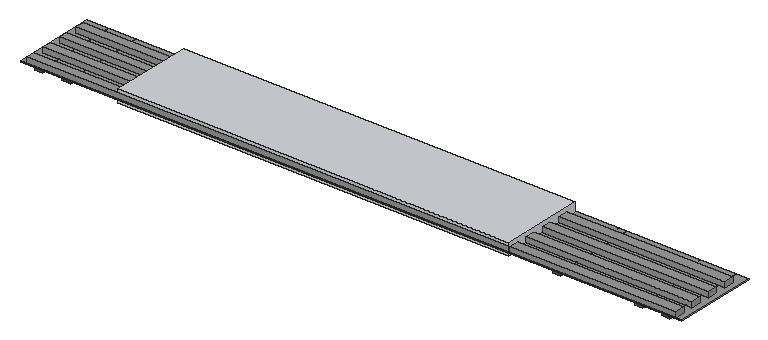
Revit family "2112-4, Veneer", category Generic Models, host Face, Revit 2020
Family settings
  Host = Face
  Can host rebar = No
  Round Connector Dimension = Use Diameter
  Part Type = Normal
  Cut with Voids When Loaded = No
  Shared = No
  Room Calculation Point = No
Parameters
  min_value [instance] = 1' - 11 1/4"  # constant formula
  max_value [instance] = 9' - 11 1/4"  # constant formula
  actual_value [instance] = if(NET LENGTH < min_value, min_value, if(NET LENGTH > max_value, max_value, NET LENGTH))  # 7' - 11 1/4"
  SCRIM MATERIAL [instance] = SCRIM
  SCRIM [instance] = yes
  NET LENGTH [instance] = 7' - 11 1/4"
  Default Elevation = 4' - 0"
  BACKER MATERIAL [instance] = BLACK-BACKERS
  .. MEMBER WIDTH [instance] = 0' - 1 3/8"  # constant formula
  .. MEMBER MATERIAL [instance] = Veneer Cherry
  .. MEMBER LENGTH [instance] = actual_value  # 7' - 11 1/4"
  .. MEMBER DEPTH [instance] = 0' - 0 3/4"  # constant formula
  .. MEMBER COUNT [instance] = 4  # constant formula
  IMPORTANT NOTE!!!                                                                             *Backer layout is for visualization purposes only, final layout to be determined by 9Wood. [instance] = ""
Reference planes (in)
  plane 1 "Center (Front/Back)": y = 0
  plane 2: z = 1.82209
  plane 3 "Center (Left/Right)": x = 0
Forms (in)
  Extrusion 1, solid
    sketch origin (132, -33.80483, 0) x (1, 0, 0) y (0, 1, 0)
      loop
        line (-118.625, 33.80483) -> (-61.26146, 33.80483) -> (-61.26146, 45.86733) -> (-118.625, 45.86733) -> (-118.625, 33.80483)
    from 1.82209 to 0
Dimensions and locks (in)
  aligned and locked: Extrusion 1 to plane 2
  aligned and locked: plane 3 "Center (Left/Right)" to nested 1
Nested families (in)
  nested 1: "1100 SERIES CONFIG" at (0, 2, 0), .. MEMBER DEPTH <- ".. MEMBER DEPTH", .. MEMBER LENGTH <- ".. MEMBER LENGTH", .. MEMBER WIDTH <- ".. MEMBER WIDTH", .. MEMBER MATERIAL <- ".. MEMBER MATERIAL", BACKING M MATERIAL <- "BACKER MATERIAL", SCRIM  MATERIAL <- "SCRIM MATERIAL", .. MEMBER COUNT <- ".. MEMBER COUNT", SCRIM <- "SCRIM", type "1100 SERIES CONFIG"
    with X 7' - 8", SCRIM OVERHANG 2 0' - 0 3/32", SCRIM OVERHANG 0' - 0 7/8", SCRIM LENGTH 8' - 1", SCRIM  MATERIAL SCRIM, SCRIM yes, NOMINAL LENGTH 7, N 8, Inset 6' - 0 3/8", INSET 0' - 1", INDEX 0' - 5 5/8", HALF MEMBER WIDTH 0' - 0 11/16", HALF LENGTH 3' - 11 5/8", END BACKER yes, BACKING M WIDTH 0' - 1 1/4", BACKING M OC SPACING 1' - 0", BACKING M MATERIAL BLACK-BACKERS, BACKING M LENGTH 0' - 11 7/8", BACKING M DEPTH 0' - 0 1/2", BACKING M COUNT 8, 3/16" INSET 0' - 0 3/16", .. MEMBER WIDTH 0' - 1 3/8", .. MEMBER OC SPACING 0' - 3", .. MEMBER MATERIAL Veneer Cherry, .. MEMBER LENGTH 7' - 11 1/4", .. MEMBER DEPTH 0' - 0 3/4", .. MEMBER COUNT 4
Definition of nested family "1100 SERIES CONFIG"
  Parameters (values of type "1100 SERIES CONFIG")
    X [instance] = .. MEMBER LENGTH - 0' 3 1/4"  # 5' - 5"
    SCRIM OVERHANG 2 [instance] = 0' - 0 3/32"  # constant formula
    SCRIM OVERHANG [instance] = 0' - 0 7/8"  # constant formula
    SCRIM LENGTH [instance] = .. MEMBER LENGTH + (SCRIM OVERHANG * 2)  # 5' - 10"
    SCRIM  MATERIAL [instance] = none
    SCRIM [instance] = yes
    NOMINAL LENGTH [instance] = 7
    N [instance] = if((X - (rounddown(X / 1' 0") * 1' 0")) > 1' 0", rounddown(X / 1' 0") + 2, rounddown(X / 1' 0") + 1)  # 6
    Inset [instance] = 6' - 0 3/8"  # constant formula
    INSET [instance] = 0' - 1"  # constant formula
    END BACKER [instance] = INDEX > 0' 3 5/8"  # yes
    INDEX [instance] = (.. MEMBER LENGTH - ((N - 1) * 1' 0")) / 2  # 0' - 4 1/8"
    HALF MEMBER WIDTH [instance] = .. MEMBER WIDTH / 2  # 0' - 0 5/16"
    HALF LENGTH [instance] = .. MEMBER LENGTH / 2  # 2' - 10 1/8"
    Default Elevation = 0' - 0"
    BACKING M WIDTH [instance] = 0' - 1 1/4"
    BACKING M SPACING = 3' - 3"
    BACKING M MATERIAL [instance] = none
    BACKING M LENGTH [instance] = 0' - 11 7/8"
    BACKING M DEPTH [instance] = 0' - 0 1/2"
    BACKING M COUNT [instance] = N  # 6
    BACKING M OC SPACING [instance] = 1' - 0"  # constant formula
    3/16" INSET [instance] = 0' - 0 3/16"  # constant formula
    .. MEMBER WIDTH [instance] = 0' - 0 5/8"
    .. MEMBER OC SPACING [instance] = 1' 0" / .. MEMBER COUNT  # 0' - 4"
    .. MEMBER MATERIAL [instance] = none
    .. MEMBER LENGTH [instance] = 5' - 8 1/4"
    .. MEMBER DEPTH [instance] = 0' - 1 3/8"
    .. MEMBER COUNT [instance] = 3
  Reference planes (in)
    plane 1 "Center (Front/Back)": y = -2
    plane 2: z = 0
    plane 3 "Center (Left/Right)": x = 0
    plane 4: x = 1
    plane 5: x = 4.125
    plane 6: x = 34.125
    plane 7: x = 68.25
    plane 8: x = 67.25
    plane 9: x = 16.125
    plane 10: y = -1.8125
    plane 11: y = -1.6875
    plane 12: y = 2.3125
    plane 13: x = 69.125
    plane 14: x = -0.875
    plane 15: z = 0.5
    plane 16: z = 0.5625
    plane 17: y = 10.0625
    plane 18: y = 10.15625
    plane 19: y = -2.09375
  Dimensions and locks (in)
    "INSET": plane 3 "Center (Left/Right)" to plane 4
    "INDEX": plane 3 "Center (Left/Right)" to plane 5
    "HALF LENGTH": plane 3 "Center (Left/Right)" to plane 6
    ".. MEMBER LENGTH": plane 3 "Center (Left/Right)" to plane 7
    "INSET": plane 8 to plane 7
    equal spacing: group 2, group 3, group 6, group 7, group 8, group 9  (x3)
    "3/16" INSET": plane 1 "Center (Front/Back)" to plane 10
    ".. MEMBER OC SPACING": plane 12 to plane 11
    "SCRIM OVERHANG": plane 14 to plane 3 "Center (Left/Right)"
    "SCRIM OVERHANG": plane 7 to plane 13
    equal spacing: group 1, group 4, group 5  (x2)
    equal spacing: group 5, group 4, group 1
    "HALF MEMBER WIDTH": plane 1 "Center (Front/Back)" to plane 11
    "BACKING M OC SPACING": plane 5 to plane 9
    "SCRIM OVERHANG 2": plane 18 to plane 17
    "SCRIM OVERHANG 2": plane 19 to plane 1 "Center (Front/Back)"
    aligned and locked: level to plane 2
    aligned and locked: plane 6 to nested 1
    aligned and locked: nested 2 to plane 4
    aligned and locked: plane 5 to nested 3
    aligned and locked: plane 1 "Center (Front/Back)" to nested 1
    aligned and locked: nested 2 to plane 10
    aligned and locked: nested 3 to plane 10
    aligned and locked: nested 5 to plane 10
    aligned and locked: nested 4 to plane 10
    aligned and locked: nested 6 to plane 14
    aligned and locked: plane 12 to nested 7
    aligned and locked: nested 7 to plane 3 "Center (Left/Right)"
    aligned and locked: plane 9 to nested 5
    aligned and locked: plane 8 to nested 4
    aligned and locked: plane 15 to nested 2
    aligned and locked: nested 6 to plane 15
    aligned and locked: nested 1 to plane 16
    aligned and locked: nested 7 to plane 16
    aligned and locked: nested 6 to plane 19
  Nested families (in)
    nested 1: "INSTANCE - Parametric Cube" at (34.125, -1.6875, 1.9375), Length <- ".. MEMBER WIDTH", Height <- ".. MEMBER DEPTH", Width <- ".. MEMBER LENGTH", Material <- ".. MEMBER MATERIAL", type "INSTANCE - Parametric Cube"
      with Width 5' - 8 1/4", Material none, Length 0' - 0 5/8", Height 0' - 1 3/8"
    nested 2: "2ND INSTANCE - Parametric Cube" at (1.625, 4.125, 0), Height <- "BACKING M DEPTH", Length <- "BACKING M LENGTH", Width <- "BACKING M WIDTH", Material <- "BACKING M MATERIAL", visible <- "END BACKER", type "2ND INSTANCE - Parametric Cube"
      with Width 0' - 1 1/4", Material none, Length 0' - 11 7/8", Height 0' - 0 1/2"
    nested 3: "2ND INSTANCE - Parametric Cube" at (4.125, 4.125, 0), Length <- "BACKING M LENGTH", Height <- "BACKING M DEPTH", Width <- "BACKING M WIDTH", Material <- "BACKING M MATERIAL", type "2ND INSTANCE - Parametric Cube"
      with Width 0' - 1 1/4", Material none, Length 0' - 11 7/8", Height 0' - 0 1/2"
    nested 4: "2ND INSTANCE - Parametric Cube" at (66.625, 4.125, 0), Width <- "BACKING M WIDTH", Length <- "BACKING M LENGTH", Height <- "BACKING M DEPTH", Material <- "BACKING M MATERIAL", visible <- "END BACKER", type "2ND INSTANCE - Parametric Cube"
      with Width 0' - 1 1/4", Material none, Length 0' - 11 7/8", Height 0' - 0 1/2"
    nested 5: "2ND INSTANCE - Parametric Cube" at (16.125, 4.125, 0), Length <- "BACKING M LENGTH", Height <- "BACKING M DEPTH", Width <- "BACKING M WIDTH", Material <- "BACKING M MATERIAL", type "2ND INSTANCE - Parametric Cube"
      with Width 0' - 1 1/4", Material none, Length 0' - 11 7/8", Height 0' - 0 1/2"
    nested 6: "3RD INSTANCE - Parametric Cube" at (34.125, 4.0445, 0.5), Width <- "SCRIM LENGTH", Material <- "SCRIM  MATERIAL", visible <- "SCRIM", type "3RD INSTANCE - Parametric Cube"
      with Width 5' - 10", Material none, Length 1' - 0.27649", Height 0' - 0 1/16"
    nested 7: "INSTANCE - Parametric Cube" at (34.125, 2.3125, 1.9375), Length <- ".. MEMBER WIDTH", Height <- ".. MEMBER DEPTH", Width <- ".. MEMBER LENGTH", Material <- ".. MEMBER MATERIAL", type "INSTANCE - Parametric Cube"
      with Width 5' - 8 1/4", Material none, Length 0' - 0 5/8", Height 0' - 1 3/8"
    nested 8: "INSTANCE - Parametric Cube" at (34.125, 6.3125, 1.9375), Length <- ".. MEMBER WIDTH", Height <- ".. MEMBER DEPTH", Width <- ".. MEMBER LENGTH", Material <- ".. MEMBER MATERIAL", type "INSTANCE - Parametric Cube"
      with Width 5' - 8 1/4", Material none, Length 0' - 0 5/8", Height 0' - 1 3/8"
    nested 9: "2ND INSTANCE - Parametric Cube" at (28.125, 4.125, 0), Length <- "BACKING M LENGTH", Height <- "BACKING M DEPTH", Width <- "BACKING M WIDTH", Material <- "BACKING M MATERIAL", type "2ND INSTANCE - Parametric Cube"
      with Width 0' - 1 1/4", Material none, Length 0' - 11 7/8", Height 0' - 0 1/2"
    nested 10: "2ND INSTANCE - Parametric Cube" at (40.125, 4.125, 0), Length <- "BACKING M LENGTH", Height <- "BACKING M DEPTH", Width <- "BACKING M WIDTH", Material <- "BACKING M MATERIAL", type "2ND INSTANCE - Parametric Cube"
      with Width 0' - 1 1/4", Material none, Length 0' - 11 7/8", Height 0' - 0 1/2"
    nested 11: "2ND INSTANCE - Parametric Cube" at (52.125, 4.125, 0), Length <- "BACKING M LENGTH", Height <- "BACKING M DEPTH", Width <- "BACKING M WIDTH", Material <- "BACKING M MATERIAL", type "2ND INSTANCE - Parametric Cube"
      with Width 0' - 1 1/4", Material none, Length 0' - 11 7/8", Height 0' - 0 1/2"
    nested 12: "2ND INSTANCE - Parametric Cube" at (64.125, 4.125, 0), Length <- "BACKING M LENGTH", Height <- "BACKING M DEPTH", Width <- "BACKING M WIDTH", Material <- "BACKING M MATERIAL", type "2ND INSTANCE - Parametric Cube"
      with Width 0' - 1 1/4", Material none, Length 0' - 11 7/8", Height 0' - 0 1/2"
  Definition of nested family "INSTANCE - Parametric Cube"
    Parameters (values of type "INSTANCE - Parametric Cube")
      Width [instance] = 0' - 6"
      Material [instance] = none
      Length [instance] = 1' - 0"
      Height [instance] = 1' - 6"
      Default Elevation = 0' - 0"
    Reference planes (in)
      plane 1 "Center (Front/Back)": y = 0
      plane 2: z = 0
      plane 3 "Center (Left/Right)": x = 0
      plane 4: x = -3
      plane 5: x = 3
      plane 6: y = 6
      plane 7: y = -6
      plane 8: z = -18
    Forms (in)
      Extrusion 1, solid, material <- "Material"
        sketch origin (0, 0, 0) x (1, 0, 0) y (0, 1, 0)
          loop
            line (-3, 6) -> (-3, -6) -> (3, -6) -> (3, 6) -> (-3, 6)
        from -18 to 0
    Dimensions and locks (in)
      equal spacing: plane 4, plane 3 "Center (Left/Right)", plane 5
      equal spacing: plane 6, plane 1 "Center (Front/Back)", plane 7
      "Length": plane 6 to plane 7
      "Width": plane 4 to plane 5
      "Height": plane 8 to level
      aligned and locked: plane 2 to level
      aligned and locked: Extrusion 1 sketch curve to plane 6
      aligned and locked: plane 4 to Extrusion 1 sketch curve
      aligned and locked: plane 7 to Extrusion 1 sketch curve
      aligned and locked: Extrusion 1 sketch curve to plane 5
      aligned and locked: Extrusion 1 to plane 8
  Definition of nested family "2ND INSTANCE - Parametric Cube"
    Parameters (values of type "2ND INSTANCE - Parametric Cube")
      Width [instance] = 0' - 6"
      Material [instance] = none
      Length [instance] = 1' - 0"
      Height [instance] = 1' - 6"
      Default Elevation = 0' - 0"
    Reference planes (in)
      plane 1 "Center (Front/Back)": y = 0
      plane 2: z = 0
      plane 3 "Center (Left/Right)": x = 0
      plane 4: x = -3
      plane 5: x = 3
      plane 6: y = 6
      plane 7: y = -6
      plane 8: z = 18
    Forms (in)
      Extrusion 1, solid, material <- "Material"
        sketch origin (0, 0, 0) x (1, 0, 0) y (0, 1, 0)
          loop
            line (-3, 6) -> (-3, -6) -> (3, -6) -> (3, 6) -> (-3, 6)
        from 0 to 18
    Dimensions and locks (in)
      equal spacing: plane 4, plane 3 "Center (Left/Right)", plane 5
      equal spacing: plane 6, plane 1 "Center (Front/Back)", plane 7
      "Length": plane 6 to plane 7
      "Width": plane 4 to plane 5
      "Height": level to plane 8
      aligned and locked: plane 2 to level
      aligned and locked: Extrusion 1 sketch curve to plane 6
      aligned and locked: plane 4 to Extrusion 1 sketch curve
      aligned and locked: plane 7 to Extrusion 1 sketch curve
      aligned and locked: Extrusion 1 sketch curve to plane 5
      aligned and locked: plane 8 to Extrusion 1
      aligned and locked: Extrusion 1 to level
  Definition of nested family "3RD INSTANCE - Parametric Cube"
    Parameters (values of type "3RD INSTANCE - Parametric Cube")
      Width [instance] = 0' - 6"
      Material [instance] = none
      Length [instance] = 1' - 0"
      Height [instance] = 1' - 6"
      Default Elevation = 0' - 0"
    Reference planes (in)
      plane 1 "Center (Front/Back)": y = 0
      plane 2: z = 0
      plane 3 "Center (Left/Right)": x = 0
      plane 4: x = -3
      plane 5: x = 3
      plane 6: y = 6
      plane 7: y = -6
      plane 8: z = 18
    Forms (in)
      Extrusion 1, solid, material <- "Material"
        sketch origin (0, 0, 0) x (1, 0, 0) y (0, 1, 0)
          loop
            line (-3, 6) -> (-3, -6) -> (3, -6) -> (3, 6) -> (-3, 6)
        from 0 to 18
    Dimensions and locks (in)
      equal spacing: plane 4, plane 3 "Center (Left/Right)", plane 5
      equal spacing: plane 6, plane 1 "Center (Front/Back)", plane 7
      "Length": plane 6 to plane 7
      "Width": plane 4 to plane 5
      "Height": level to plane 8
      aligned and locked: plane 2 to level
      aligned and locked: Extrusion 1 sketch curve to plane 6
      aligned and locked: plane 4 to Extrusion 1 sketch curve
      aligned and locked: plane 7 to Extrusion 1 sketch curve
      aligned and locked: Extrusion 1 sketch curve to plane 5
      aligned and locked: plane 8 to Extrusion 1
      aligned and locked: Extrusion 1 to level
